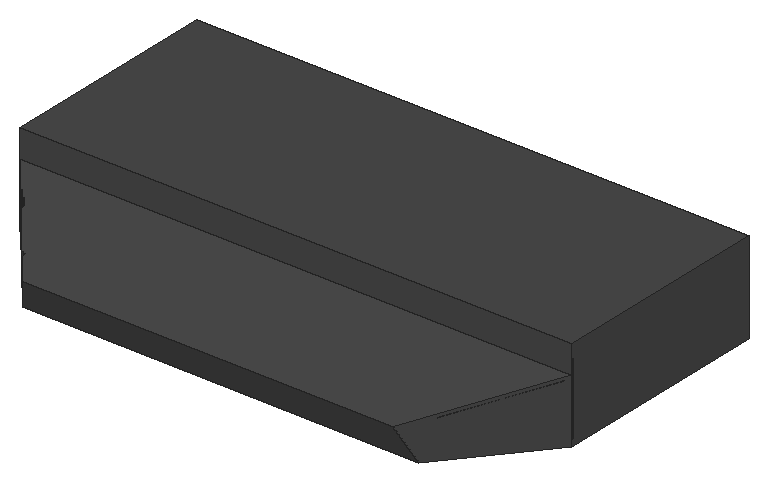
Revit family "Qf_Summit_HSHELL30BK_30 inches Shell Hood", category Specialty Equipment, Revit 2020
Family settings
  Round Connector Dimension = Use Diameter
  Part Type = Normal
  Work Plane-Based = No
  Always vertical = Yes
  Cut with Voids When Loaded = No
  Shared = No
  Room Calculation Point = No
Parameters
  Weight in Pounds = 10
  URL Cutsheet = ""
  Specification by User = ""
  Specification by Manufacturer = ""
  Serial Number = ""
  Seismic Rating = ""
  SMACNA No = ""
  Revision Code = ""
  NAFEM Spec ID Number = ""
  Model = "HSHELL30BK"
  Masterspec = ""
  Manufacturer = "Summit"
  Length = 30"
  Item Number = ""
  Installed By = ""
  Identify Quantity as Lot = yes
  Height = 5"
  Furnished By = ""
  Foodservice Equipment Identifier = yes
  Description = "30\" Shell Hood"
  Depth = 18"
  Default Elevation = 0"
  CSI MasterFormat = ""
Reference planes (in)
  plane 1 "BACK": y = 0
  plane 2: z = 0
  plane 3 "LEFT": x = 0
  plane 4 "RIGHT": x = 30
  plane 5 "FRONT": y = -18
  plane 6 "TOP": z = 5
  plane 7 "Center Y": x = 15
  plane 8 "Center X": y = -9
  plane 9: z = 3.5
  plane 10: y = -12
  plane 11: z = 1.875
  plane 12: x = 4.9375
  plane 13: x = 25.0625
Forms (in)
  Extrusion 1, solid, material "QF_Plastic_Epoxy_Black"
    sketch origin (0, 0, 0) x (1, 0, 0) y (0, 1, 0)
      loop
        line (0, 0) -> (0, -12) -> (30, -12) -> (30, 0) -> (0, 0)
    from 0 to 5
  Extrusion 2, solid, material "QF_Plastic_Epoxy_Black"
    sketch origin (20, 0, 0) x (0, 1, 0) y (0, 0, 1)
      loop
        line (-18, 1.875) -> (-17.12567, 0) -> (-12, 0) -> (-12, 3.5) -> (-18, 1.875)
    from -20 to 10
  Extrusion 3, void
    sketch origin (0, 0, 0) x (1, 0, 0) y (0, 1, 0)
      loop
        line (0, -12) -> (-0.1875, -12) -> (-0.1875, -18.25) -> (4.9375, -18.25) -> (4.9375, -18) -> (0, -12)
      loop
        line (30, -12) -> (25.0625, -18) -> (25.0625, -18.25) -> (30.1875, -18.25) -> (30.1875, -12) -> (30, -12)
    from 0 to 3.5
  Blend 4, void
    base sketch origin (0, -2, 0) x (0, -1, 0) y (0, 0, -1)
      loop
        line (9.75, -4.75) -> (9.75, -0.25) -> (-1.75, -0.25) -> (-1.75, -4.75) -> (9.75, -4.75)
    top sketch origin (0, -2, 0) x (0, -1, 0) y (0, 0, -1)
      loop
        line (9.625, -4.625) -> (9.625, -0.375) -> (-1.625, -0.375) -> (-1.625, -4.625) -> (9.625, -4.625)
    from 0 to 0.08017
  Blend 5, void
    base sketch origin (0, -12, 0) x (-0.635425, 0.772162, 0) y (0, 0, 1)
      loop
        line (-7.37414, 1.70246) -> (-6.497, 0.25) -> (-0.25, 0.25) -> (-0.25, 3.19231) -> (-7.37414, 1.70246)
    top sketch origin (0, -12, 0) x (-0.635425, 0.772162, 0) y (0, 0, 1)
      loop
        line (-7.28514, 1.65857) -> (-6.47224, 0.3125) -> (-0.3125, 0.3125) -> (-0.3125, 3.11674) -> (-7.28514, 1.65857)
    from 0 to 0.08636
  Blend 6, void
    base sketch origin (29.875, -2, 0) x (0, -1, 0) y (0, 0, 1)
      loop
        line (9.75, 4.75) -> (-1.75, 4.75) -> (-1.75, 0.25) -> (9.75, 0.25) -> (9.75, 4.75)
    top sketch origin (29.875, -2, 0) x (0, -1, 0) y (0, 0, 1)
      loop
        line (9.625, 4.625) -> (-1.625, 4.625) -> (-1.625, 0.375) -> (9.625, 0.375) -> (9.625, 4.625)
    from 0 to 0.08017
  Blend 7, void
    base sketch origin (29.875, -12, 0) x (0.635425, 0.772162, 0) y (0, 0, -1)
      loop
        line (-7.37414, -1.70246) -> (-0.25, -3.19231) -> (-0.25, -0.25) -> (-6.497, -0.25) -> (-7.37414, -1.70246)
    top sketch origin (29.875, -12, 0) x (0.635425, 0.772162, 0) y (0, 0, -1)
      loop
        line (-7.28514, -1.65857) -> (-0.3125, -3.11674) -> (-0.3125, -0.3125) -> (-6.47224, -0.3125) -> (-7.28514, -1.65857)
    from 0 to 0.08636
Cuts and joins
  Extrusion 3, Blend 5, Blend 7 cuts Extrusion 2
  Blend 4, Blend 5, Blend 6 cuts Extrusion 1
Lines and regions (in)
  symbolic lines
    curve 1: line (0, 0, 0) -> (0, -12, 0)
    curve 2: line (0, -12, 0) -> (30, -12, 0)
    curve 3: line (30, -12, 0) -> (30, 0, 0)
    curve 4: line (30, 0, 0) -> (0, 0, 0)
    curve 5: line (0, -12, 0) -> (4.9375, -18, 0)
    curve 6: line (4.9375, -18, 0) -> (25.0625, -18, 0)
    curve 7: line (25.0625, -18, 0) -> (30, -12, 0)
Dimensions and locks (in)
  equal spacing: plane 3 "LEFT", plane 7 "Center Y", plane 4 "RIGHT"
  "Length": plane 3 "LEFT" to plane 4 "RIGHT"
  equal spacing: plane 5 "FRONT", plane 8 "Center X", plane 1 "BACK"
  "Depth": plane 5 "FRONT" to plane 1 "BACK"
  "Height": plane 6 "TOP" to level
  plane 9 to level = 3 1/2"
  plane 10 to plane 1 "BACK" = 12"
  plane 5 "FRONT" to plane 1 "BACK" = 18"
  locked: plane 4 "RIGHT" to plane 13 at 4.9375
  plane 4 "RIGHT" to plane 3 "LEFT" = 30"
  aligned and locked: level to plane 2
  aligned and locked: plane 6 "TOP" to Extrusion 1
  aligned and locked: Extrusion 2 to plane 3 "LEFT"
  aligned and locked: plane 9 to Extrusion 3
  aligned and locked: cut or joined group of Extrusion 2, Extrusion 3, Blend 5, Blend 7 to plane 4 "RIGHT"
Automatic sketch dimensions
  plane 1 "BACK" to curve 1 = 0"
  curve 1 to plane 3 "LEFT" = 0"
  plane 5 "FRONT" to curve 6 = 0"
  curve 6 to plane 12 = 0"
  curve 6 to plane 13 = 0"
  curve 3 to plane 4 "RIGHT" = 0"
  plane 10 to curve 2 = 0"
  Extrusion 1 sketch curve to plane 3 "LEFT" = 0"
  Extrusion 1 sketch curve to plane 4 "RIGHT" = 0"
  plane 10 to Extrusion 1 sketch curve = 0"
  plane 1 "BACK" to Extrusion 1 sketch curve = 0"
  Extrusion 2 sketch curve to plane 5 "FRONT" = 0"
  Extrusion 2 sketch curve to level = 0"
  Extrusion 2 sketch curve to plane 10 = 0"
  plane 11 to Extrusion 2 sketch curve = 0"
  Extrusion 2 sketch curve to plane 9 = 0"
  Extrusion 2 sketch curve to plane 5 "FRONT" = 0.87433"
  plane 10 to Extrusion 3 sketch curve = 0"  (x2)
  Extrusion 3 sketch curve to plane 3 "LEFT" = 0"
  Extrusion 3 sketch curve to plane 12 = 0"
  Extrusion 3 sketch curve to plane 13 = 0"
  Extrusion 3 sketch curve to plane 4 "RIGHT" = 0"
  plane 5 "FRONT" to Extrusion 3 sketch curve = 0"  (x2)
  Extrusion 3 sketch curve to plane 3 "LEFT" = 3/16"
  Extrusion 3 sketch curve to Extrusion 3 sketch curve = 3/16"
  plane 5 "FRONT" to Extrusion 3 sketch curve = 1/4"  (x2)
  Blend 4 sketch curve to Extrusion 1 = 1/4"  (x3)
  Extrusion 1 to Blend 4 sketch curve = 1/4"
  Blend 4 sketch curve to Extrusion 1 = 3/8"  (x3)
  Extrusion 1 to Blend 4 sketch curve = 3/8"
  Extrusion 3 to Blend 5 sketch curve = 0.39625"
  Blend 5 sketch curve to Extrusion 3 = 1/4"
  Extrusion 3 to Blend 5 sketch curve = 1.27339"
  Extrusion 3 to Blend 5 sketch curve = 1/4"
  Blend 5 sketch curve to Blend 5 sketch curve = 1.45246"
  Blend 5 sketch curve to Extrusion 3 = 0.30769"
  Extrusion 3 to Blend 5 sketch curve = 0.48525"
  Blend 5 sketch curve to Extrusion 3 = 5/16"
  Extrusion 3 to Blend 5 sketch curve = 1.29814"
  Extrusion 3 to Blend 5 sketch curve = 5/16"
  Blend 5 sketch curve to Blend 5 sketch curve = 1.34607"
  Blend 5 sketch curve to Extrusion 3 = 0.38326"
  plane 1 "BACK" to Blend 6 sketch curve = 1/4"
  Blend 6 sketch curve to plane 10 = 1/4"
  level to Blend 6 sketch curve = 1/4"
  Blend 6 sketch curve to plane 6 "TOP" = 1/4"
  plane 1 "BACK" to Blend 6 sketch curve = 3/8"
  Blend 6 sketch curve to plane 10 = 3/8"
  level to Blend 6 sketch curve = 3/8"
  Blend 6 sketch curve to plane 6 "TOP" = 3/8"
  plane 11 to Blend 7 sketch curve = 0.17254"
  level to Blend 7 sketch curve = 1/4"
  Blend 7 sketch curve to Blend 7 sketch curve = 0.87714"
  Blend 7 sketch curve to Blend 7 sketch curve = 6.247"
  Blend 7 sketch curve to plane 9 = 0.30769"
  plane 11 to Blend 7 sketch curve = 0.21643"
  level to Blend 7 sketch curve = 5/16"
  Blend 7 sketch curve to Blend 7 sketch curve = 0.81289"
  Blend 7 sketch curve to Blend 7 sketch curve = 6.15974"
  Blend 7 sketch curve to plane 9 = 0.38326"
